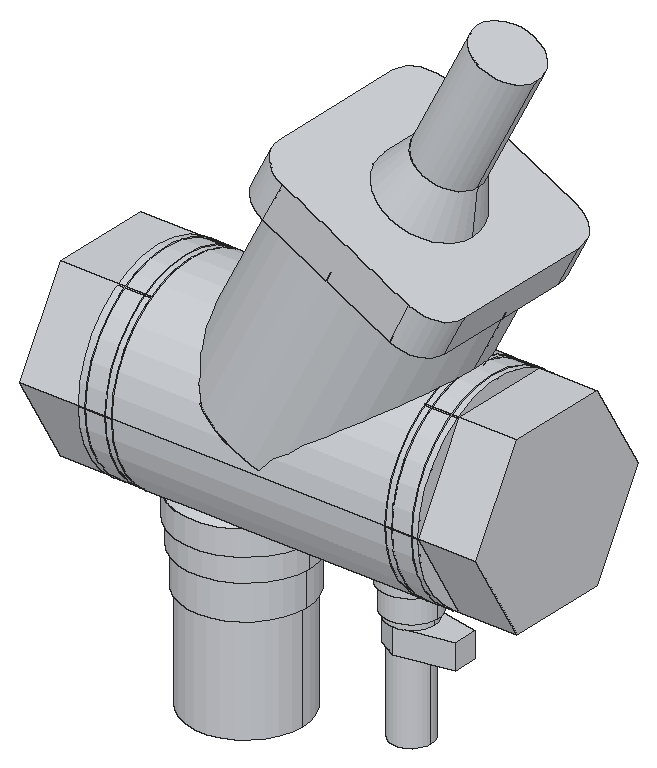
Revit family "Sigma_Compact_DN050_s vyp_RFA_2018", category Pipe Accessories, Revit 2018
Family settings
  Round Connector Dimension = Use Diameter
  Part Type = Valve - Breaks Into
  Work Plane-Based = No
  Always vertical = Yes
  Cut with Voids When Loaded = No
  Shared = No
Parameters (values of type "Sigma Compact DN 50 s vypouštěním")
  magiProductId = "001ad4382b874bb9b8e1e8cf3b6430"
  magiProductFamilyId = "2dc1766e7e3844cdb739145bbea09c"
  magiPartTypeId = 304
  isMeasuringValve [instance] = no
  ang2D [instance] = 0.00°
  Z6 = 39.3 mm
  Z5 = 91.7 mm
  Z4 = 78.6 mm
  Z3 = 13.1 mm
  Z2 = 65.5 mm
  XR2 = 37.5 mm
  XR1 = 25.5 mm
  W2D = 32 mm
  VersionID = "2.0/2018.12.13.2/FRESE_SIGMA_PLUG_Q13_001"
  Use Minimum Symbol Size [instance] = no
  URL = "www.hydronic.cz"
  Type Comments = "závitový; vnitřní závit; PN25; max dp=400kPa; -10~+120°C; max uzavírací tlak 1MPa"
  R4 = 15 mm
  R3 = 10 mm
  R2 = 30.5 mm
  R1 = 31.5 mm
  QmdConnectorList = "301;D;302;D"
  Productdata [instance] = ""
  NL__ve = -NL  # -27.6 mm
  NL = 27.6 mm
  Manufacturer = "Hydronic Systems Prague s.r.o."
  MC Use Limits From Balancing Method = no
  MC Throttling Minimum Value = 0
  MC Throttling Maximum Value = 0
  MC Product Code = "53-2227 DN50 FF s měřením a vypouštěním; (900-10350 l/h); kvs=20,3"
  MC Pressure Drop Minimum Value = 0.0 Pa
  MC Pressure Drop Maximum Value = 0.0 Pa
  MC Piping Given Pressure Drop [instance] = 0.0 Pa
  M5 = 51.4 mm
  M4 = 49.4 mm
  M3 = 43.4 mm
  M2 = 41.4 mm
  LP = 69 mm
  LM = 82.8 mm
  LL__ve = -LL  # -7.6 mm
  LLT__ve = -LLT  # -28.2 mm
  LLT = 28.2 mm
  LLL = 11 mm
  LL3 = 60 mm
  LL2 = 51 mm
  LL = 7.6 mm
  L3 = 25 mm
  L2D_Min = 30.48 mm
  L2D = 82.4 mm
  Description = "Automatický vyvažovací ventil"
  DR1 = yes
  DR0 = no
  DL2 = 85 mm
  D = 50 mm
  CenSd_R2_6 = R2 * cos(30.00°)  # 26.414 mm
  CAT0 = yes
  C0D1 = yes
  C0D0 = no
Types (3, lengths in mm): name | magiProductId | Z6 | Z5 | Z4 | Z3 | Z2 | NL__ve | NL | MC Product Code | M5 | M4 | M3 | M2 | LP | LM | LL__ve | LLT__ve | LLT | LL3 | LL2 | LL | DL2 | D
  Sigma Compact DN 32 s vypouštěním | "52c1318164f948b8bfa512d8a8b026" | 33 | 77 | 66 | 11 | 55 | -20.8 | 20.8 | "53-2225 DN32 FF s měřením a vypouštěním; (200-5000 l/h); kvs=10,9" | 41.2 | 39.2 | 33.2 | 31.2 | 52 | 62.4 | -6.8 | -22.6 | 22.6 | 52 | 43 | 6.8 | 77 | 32
  Sigma Compact DN 40 s vypouštěním | "ead7fbe154ec4086ae4626bbcbe652" | 39.3 | 91.7 | 78.6 | 13.1 | 65.5 | -27.6 | 27.6 | "53-2226 DN40 FF s měřením a vypouštěním; (719-7400 l/h); kvs=18,0" | 51.4 | 49.4 | 43.4 | 41.4 | 69 | 82.8 | -7 | -24 | 24 | 54 | 45 | 7 | 79 | 40
  Sigma Compact DN 50 s vypouštěním | "001ad4382b874bb9b8e1e8cf3b6430" | 39.3 | 91.7 | 78.6 | 13.1 | 65.5 | -27.6 | 27.6 | "53-2227 DN50 FF s měřením a vypouštěním; (900-10350 l/h); kvs=20,3" | 51.4 | 49.4 | 43.4 | 41.4 | 69 | 82.8 | -7.6 | -28.2 | 28.2 | 60 | 51 | 7.6 | 85 | 50
Reference planes
  plane 1 "Center (Front/Back)": y = 0
  plane 2 "XYPLANE": z = 0
  plane 3 "Center (Left/Right)": x = 0
  plane 4 "408": x = 69
  plane 5 "407": x = -69
  plane 6 "404": z = -52.4
  plane 7 "403": z = -60
  plane 8 "402": z = -85
  plane 9 "213": x = -25
  plane 10 "168": z = -24.2
  plane 11 "167": z = -26.2
  plane 12 "166": z = -33.8
  plane 13 "165": z = -41.4
  plane 14 "164": z = -43.4
  plane 15 "154": z = 0
  plane 16 "152": y = 0
  plane 17 "151": z = -51
  plane 18 "150": x = 25
  plane 19 "75": through (307.08, 0, 685.28) normal (0.891, 0, -0.454)
  plane 20 "74": x = 51.4
  plane 21 "73": x = 49.4
  plane 22 "72": x = 43.4
  plane 23 "71": x = 41.4
  plane 24 "70": x = -51.4
  plane 25 "69": x = -49.4
  plane 26 "68": x = -43.4
  plane 27 "67": y = 0
  plane 28 "66": through (-666.893, 0, 343.166) normal (0.454, 0, 0.891)
  plane 29 "65": x = -41.4
  plane 30 "64": through (335.147, 0, 670.979) normal (0.891, 0, -0.454)
  plane 31 "63": through (-638.519, 0, 398.854) normal (0.454, 0, 0.891)
  plane 32 "62": through (363.214, 0, 656.678) normal (0.891, 0, -0.454)
  plane 33 "61": y = 31.5
  plane 34 "60": y = -31.5
  plane 35 "59": through (-632.571, 0, 410.526) normal (0.454, 0, 0.891)
  plane 36 "58": through (-626.624, 0, 422.198) normal (0.454, 0, 0.891)
  plane 37 "56": x = 0
  plane 38 "55": through (-668.255, 0, 340.493) normal (0.454, 0, 0.891)
  plane 39 "102XY": through (-668.255, 0, 340.493) normal (0.454, 0, 0.891)
  plane 40 "102XZ": y = 0
  plane 41 "102YZ": through (340.493, 0, 668.255) normal (0.891, 0, -0.454)
Forms (mm)
  Extrusion 1, solid
    sketch origin (69, -750, 0) x (0, 1, 0) y (0, 0, 1)
      loop
        line (780.5, 0) -> (765.25, 26.414) -> (734.75, 26.414) -> (719.5, 0) -> (734.75, -26.414) -> (765.25, -26.414) -> (780.5, 0)
    from 0 to -27.6 <- "NL__ve"
  Extrusion 2, solid
    sketch origin (-69, -750, 0) x (0, 1, 0) y (0, 0, 1)
      loop
        line (719.5, 0) -> (734.75, -26.414) -> (765.25, -26.414) -> (780.5, 0) -> (765.25, 26.414) -> (734.75, 26.414) -> (719.5, 0)
    from 0 to 27.6 <- "NL"
  Extrusion 3, solid, visible <- "C0D1"
    sketch origin (-750, 0, -85) x (1, 0, 0) y (0, 1, 0)
      loop
        circle (725, 0) r 17.2
    from 0 to 50
  Extrusion 4, solid, visible <- "DR1"
    sketch origin (-750, 0, -52.4) x (1, 0, 0) y (0, 1, 0)
      loop
        line (725, -8) -> (731.928, -4) -> (731.928, 4) -> (725, 8) -> (707.872, 4) -> (707.872, -4) -> (725, -8)
    from 0 to -7.6 <- "LL__ve"
  Extrusion 5, solid, visible <- "DR1"
    sketch origin (-750, 0, -52.4) x (1, 0, 0) y (0, 1, 0)
      loop
        circle (725, 0) r 18.2
    from 0 to 11 <- "LLL"
  Extrusion 6, solid, visible <- "DR1"
    sketch origin (-750, 0, -41.4) x (1, 0, 0) y (0, 1, 0)
      loop
        circle (725, 0) r 19.2
    from 0 to 7.6 <- "LL"
  Extrusion 7, solid, visible <- "DR1"
    sketch origin (-750, 0, -33.8) x (1, 0, 0) y (0, 1, 0)
      loop
        circle (725, 0) r 20.2
    from 0 to 7.6 <- "LL"
  Blend 8, solid, visible <- "DR1"
    base sketch origin (-750, 0, -24.2) x (1, 0, 0) y (0, 1, 0)
      loop
        circle (725, 0) r 17.7
    top sketch origin (-750, 0, -24.2) x (1, 0, 0) y (0, 1, 0)
      loop
        circle (725, 0) r 20.2
    from 0 to -2
  Extrusion 9, solid, visible <- "DR1"
    sketch origin (-750, 0, 0) x (1, 0, 0) y (0, 1, 0)
      loop
        circle (725, 0) r 17.7
    from 0 to -28.2 <- "LLT__ve"
  Extrusion 10, solid, visible <- "C0D0"
    sketch origin (-750, 0, -51) x (1, 0, 0) y (0, 1, 0)
      loop
        circle (725, 0) r 16.2
    from 0 to -25
  Extrusion 11, solid, visible <- "DR0"
    sketch origin (-750, 0, -43.4) x (1, 0, 0) y (0, 1, 0)
      loop
        line (725, -7) -> (731.062, -3.5) -> (731.062, 3.5) -> (725, 7) -> (708.738, 3.5) -> (708.738, -3.5) -> (725, -7)
    from 0 to -7.6 <- "LL__ve"
  Extrusion 12, solid, visible <- "DR0"
    sketch origin (-750, 0, -43.4) x (1, 0, 0) y (0, 1, 0)
      loop
        circle (725, 0) r 17.2
    from 0 to 2
  Extrusion 13, solid, visible <- "DR0"
    sketch origin (-750, 0, -33.8) x (1, 0, 0) y (0, 1, 0)
      loop
        circle (725, 0) r 19.2
    from 0 to 7.6 <- "LL"
  Blend 14, solid, visible <- "DR0"
    base sketch origin (-750, 0, -24.2) x (1, 0, 0) y (0, 1, 0)
      loop
        circle (725, 0) r 16.7
    top sketch origin (-750, 0, -24.2) x (1, 0, 0) y (0, 1, 0)
      loop
        circle (725, 0) r 19.2
    from 0 to -2
  Extrusion 15, solid, visible <- "DR0"
    sketch origin (-750, 0, 0) x (1, 0, 0) y (0, 1, 0)
      loop
        circle (725, 0) r 16.7
    from 0 to -28.2 <- "LLT__ve"
  Extrusion 16, solid, visible <- "DR0"
    sketch origin (-750, 0, 0) x (1, 0, 0) y (0, 1, 0)
      loop
        circle (725, 0) r 16.7
    from 0 to -28.2 <- "LLT__ve"
  Blend 17, solid, visible <- "DR0"
    base sketch origin (-750, 0, -24.2) x (1, 0, 0) y (0, 1, 0)
      loop
        circle (725, 0) r 16.7
    top sketch origin (-750, 0, -24.2) x (1, 0, 0) y (0, 1, 0)
      loop
        circle (725, 0) r 19.2
    from 0 to -2
  Extrusion 18, solid, visible <- "DR0"
    sketch origin (-750, 0, -33.8) x (1, 0, 0) y (0, 1, 0)
      loop
        circle (725, 0) r 19.2
    from 0 to 7.6 <- "LL"
  Extrusion 19, solid, visible <- "DR0"
    sketch origin (-750, 0, -41.4) x (1, 0, 0) y (0, 1, 0)
      loop
        circle (725, 0) r 18.2
    from 0 to 7.6 <- "LL"
  Extrusion 20, solid, visible <- "DR0"
    sketch origin (-750, 0, -43.4) x (1, 0, 0) y (0, 1, 0)
      loop
        circle (725, 0) r 17.2
    from 0 to 2
  Extrusion 21, solid, visible <- "DR0"
    sketch origin (-750, 0, -43.4) x (1, 0, 0) y (0, 1, 0)
      loop
        line (725, -7) -> (731.062, -3.5) -> (731.062, 3.5) -> (725, 7) -> (708.738, 3.5) -> (708.738, -3.5) -> (725, -7)
    from 0 to -7.6 <- "LL__ve"
  Extrusion 22, solid, visible <- "C0D0"
    sketch origin (-750, 0, -51) x (1, 0, 0) y (0, 1, 0)
      loop
        circle (725, 0) r 16.2
    from 0 to -25
  Extrusion 23, solid, visible <- "CAT0"
    sketch origin (-750, 0, -51) x (1, 0, 0) y (0, 1, 0)
      loop
        circle (775, 0) r 6
    from 0 to -25
  Extrusion 24, solid
    sketch origin (-750, 0, -43.4) x (1, 0, 0) y (0, 1, 0)
      loop
        line (775, -7) -> (791.262, -3.5) -> (791.262, 3.5) -> (775, 7) -> (768.938, 3.5) -> (768.938, -3.5) -> (775, -7)
    from 0 to -7.6 <- "LL__ve"
  Extrusion 25, solid
    sketch origin (-750, 0, -43.4) x (1, 0, 0) y (0, 1, 0)
      loop
        circle (775, 0) r 7
    from 0 to 2
  Extrusion 26, solid
    sketch origin (-750, 0, -41.4) x (1, 0, 0) y (0, 1, 0)
      loop
        circle (775, 0) r 8
    from 0 to 7.6 <- "LL"
  Extrusion 27, solid
    sketch origin (-750, 0, -33.8) x (1, 0, 0) y (0, 1, 0)
      loop
        circle (775, 0) r 9
    from 0 to 7.6 <- "LL"
  Blend 28, solid
    base sketch origin (-750, 0, -24.2) x (1, 0, 0) y (0, 1, 0)
      loop
        circle (775, 0) r 6.5
    top sketch origin (-750, 0, -24.2) x (1, 0, 0) y (0, 1, 0)
      loop
        circle (775, 0) r 9
    from 0 to -2
  Extrusion 29, solid
    sketch origin (-750, 0, 0) x (1, 0, 0) y (0, 1, 0)
      loop
        circle (775, 0) r 6.5
    from 0 to -28.2 <- "LLT__ve"
  Blend 30, solid, visible <- "CAT0"
    base sketch origin (49.4, -750, 0) x (0, 1, 0) y (0, 0, 1)
      loop
        circle (750, 0) r 30.5
    top sketch origin (49.4, -750, 0) x (0, 1, 0) y (0, 0, 1)
      loop
        circle (750, 0) r 30.5
    from 0 to 2
  Extrusion 31, solid, visible <- "CAT0"
    sketch origin (43.4, -750, 0) x (0, 1, 0) y (0, 0, 1)
      loop
        circle (750, 0) r 30.5
    from 0 to 6
  Blend 32, solid, visible <- "CAT0"
    base sketch origin (41.4, -750, 0) x (0, 1, 0) y (0, 0, 1)
      loop
        circle (750, 0) r 30.5
    top sketch origin (41.4, -750, 0) x (0, 1, 0) y (0, 0, 1)
      loop
        circle (750, 0) r 30.5
    from 0 to 2
  Blend 33, solid, visible <- "CAT0"
    base sketch origin (-49.4, -750, 0) x (0, 1, 0) y (0, 0, 1)
      loop
        circle (750, 0) r 30.5
    top sketch origin (-49.4, -750, 0) x (0, 1, 0) y (0, 0, 1)
      loop
        circle (750, 0) r 30.5
    from 0 to -2
  Extrusion 34, solid, visible <- "CAT0"
    sketch origin (-49.4, -750, 0) x (0, 1, 0) y (0, 0, 1)
      loop
        circle (750, 0) r 30.5
    from 0 to 6
  Blend 35, solid, visible <- "CAT0"
    base sketch origin (-43.4, -750, 0) x (0, 1, 0) y (0, 0, 1)
      loop
        circle (750, 0) r 30.5
    top sketch origin (-43.4, -750, 0) x (0, 1, 0) y (0, 0, 1)
      loop
        circle (750, 0) r 30.5
    from 0 to 2
  Extrusion 36, solid, visible <- "CAT0"
    sketch origin (-41.4, -750, 0) x (0, 1, 0) y (0, 0, 1)
      loop
        circle (750, 0) r 30.5
    from 0 to 82.8 <- "LM"
  Extrusion 37, solid, visible <- "CAT0"
    sketch origin (-666.893, 0, 343.166) x (0.891007, 0, -0.45399) y (0, 1, 0)
      loop
        circle (744, 0) r 31.5
    from 0 to 65.5 <- "Z2"
  Extrusion 38, solid, visible <- "CAT0"
    sketch origin (-638.519, 0, 398.854) x (0.891007, 0, -0.45399) y (0, 1, 0)
      loop
        arc (722.5, 31.5) -> (715.429, 28.571) -> (712.5, 21.5) r 10
        line (712.5, 21.5) -> (712.5, -21.5)
        arc (712.5, -21.5) -> (715.429, -28.571) -> (722.5, -31.5) r 10
        line (722.5, -31.5) -> (765.5, -31.5)
        arc (765.5, -31.5) -> (772.571, -28.571) -> (775.5, -21.5) r 10
        line (775.5, -21.5) -> (775.5, 21.5)
        arc (775.5, 21.5) -> (772.571, 28.571) -> (765.5, 31.5) r 10
        line (765.5, 31.5) -> (722.5, 31.5)
    from 0 to 13.1 <- "Z3"
  Blend 39, solid, visible <- "CAT0"
    base sketch origin (-632.571, 0, 410.526) x (0.891007, 0, -0.45399) y (0, 1, 0)
      loop
        circle (744, 0) r 15
    top sketch origin (-632.571, 0, 410.526) x (0.891007, 0, -0.45399) y (0, 1, 0)
      loop
        circle (744, 0) r 10
    from 0 to 13.1
  Extrusion 40, solid, visible <- "CAT0"
    sketch origin (-626.624, 0, 422.198) x (0.891007, 0, -0.45399) y (0, 1, 0)
      loop
        circle (744, 0) r 10
    from 0 to 39.3 <- "Z6"
  Blend 41, solid, visible <- "CAT0"
    base sketch origin (-668.255, 0, 340.493) x (0.891007, 0, -0.45399) y (0, 1, 0)
      loop
        circle (744, 0) r 15
    top sketch origin (-668.255, 0, 340.493) x (0.891007, 0, -0.45399) y (0, 1, 0)
      loop
        circle (744, 0) r 31.5
    from 0 to 3
  Extrusion 42, solid, not visible
    sketch origin (-51.4, -750, 0) x (0, 1, 0) y (0, 0, 1)
      loop
        circle (750, 0) r 10
    from 0 to 10
  Extrusion 43, solid, not visible
    sketch origin (51.4, -750, 0) x (0, 1, 0) y (0, 0, 1)
      loop
        circle (750, 0) r 10
    from 0 to -10
Lines and regions (mm)
  reference lines, not visible
    curve 1: circle (2, 2, 0) r 1 normal (0, 0, 1)
  reference lines
    curve 2: line (69, 0, 0) -> (69, -7.625, 13.207)
    curve 3: line (69, 0, 0) -> (69, -15.25, 0)
    curve 4: line (69, 0, 0) -> (69, -7.625, -13.207)
    curve 5: line (-69, 0, 0) -> (-69, 7.625, 13.207)
    curve 6: line (-69, 0, 0) -> (-69, 15.25, 0)
    curve 7: line (-69, 0, 0) -> (-69, 7.625, -13.207)
Dimensions and locks
  plane 1 "Center (Front/Back)" to curve 1 = 2 mm
  "LP": plane 37 "56" to plane 4 "408"
  "LP": plane 37 "56" to plane 5 "407"
  "LL": plane 7 "403" to plane 6 "404"
  "LL3": plane 2 "XYPLANE" to plane 7 "403"
  "DL2": plane 2 "XYPLANE" to plane 8 "402"
  "L3": plane 3 "Center (Left/Right)" to plane 9 "213"
  locked: plane 11 "167" to plane 10 "168" at 2
  "LL": plane 12 "166" to plane 11 "167"
  "LL": plane 13 "165" to plane 12 "166"
  locked: plane 14 "164" to plane 13 "165" at 2
  "LL": plane 17 "151" to plane 14 "164"
  locked: plane 2 "XYPLANE" to plane 15 "154"
  locked: plane 1 "Center (Front/Back)" to plane 16 "152"
  "LL2": plane 2 "XYPLANE" to plane 17 "151"
  "L3": plane 3 "Center (Left/Right)" to plane 18 "150"
  "XR2": plane 41 "102YZ" to plane 19 "75"
  "M5": plane 3 "Center (Left/Right)" to plane 20 "74"
  "M4": plane 3 "Center (Left/Right)" to plane 21 "73"
  "M3": plane 3 "Center (Left/Right)" to plane 22 "72"
  "M2": plane 3 "Center (Left/Right)" to plane 23 "71"
  "M5": plane 3 "Center (Left/Right)" to plane 24 "70"
  "M4": plane 3 "Center (Left/Right)" to plane 25 "69"
  "M3": plane 3 "Center (Left/Right)" to plane 26 "68"
  locked: plane 16 "152" to plane 27 "67"
  locked: plane 39 "102XY" to plane 28 "66" at 3
  "M2": plane 3 "Center (Left/Right)" to plane 29 "65"
  locked: plane 41 "102YZ" to plane 30 "64" at 6
  "Z2": plane 39 "102XY" to plane 31 "63"
  "XR1": plane 41 "102YZ" to plane 32 "62"
  "R1": plane 16 "152" to plane 33 "61"
  "R1": plane 16 "152" to plane 34 "60"
  "Z4": plane 39 "102XY" to plane 35 "59"
  "Z5": plane 39 "102XY" to plane 36 "58"
  locked: plane 3 "Center (Left/Right)" to plane 37 "56"
  locked: plane 39 "102XY" to plane 38 "55"
  "CenSd_R2_6": curve 2 to Extrusion 1 sketch curve  (x2)
  "CenSd_R2_6": curve 3 to Extrusion 1 sketch curve  (x2)
  "CenSd_R2_6": curve 4 to Extrusion 1 sketch curve  (x2)
  Extrusion 1 sketch curve to Extrusion 1 sketch curve = 0 mm  (x12)
  "CenSd_R2_6": curve 5 to Extrusion 2 sketch curve  (x2)
  "CenSd_R2_6": curve 6 to Extrusion 2 sketch curve  (x2)
  "CenSd_R2_6": curve 7 to Extrusion 2 sketch curve  (x2)
  Extrusion 2 sketch curve to Extrusion 2 sketch curve = 0 mm  (x12)
  Extrusion 4 sketch curve to Extrusion 4 sketch curve = 0 mm  (x12)
  Extrusion 11 sketch curve to Extrusion 11 sketch curve = 0 mm  (x12)
  Extrusion 21 sketch curve to Extrusion 21 sketch curve = 0 mm  (x12)
  Extrusion 24 sketch curve to Extrusion 24 sketch curve = 0 mm  (x12)
  Extrusion 38 sketch curve to Extrusion 38 sketch curve = 0 mm  (x16)
  "R2": radius of Blend 30 sketch curve  (x2)
  "R2": radius of Extrusion 31 sketch curve
  "R2": radius of Blend 32 sketch curve  (x2)
  "R2": radius of Blend 33 sketch curve  (x2)
  "R2": radius of Extrusion 34 sketch curve
  "R2": radius of Blend 35 sketch curve  (x2)
  "R2": radius of Extrusion 36 sketch curve
  "R1": radius of Extrusion 37 sketch curve
  radius of Extrusion 38 sketch curve = 10 mm  (x4)
  "R3": radius of Blend 39 sketch curve
  "R4": radius of Blend 39 sketch curve
  "R3": radius of Extrusion 40 sketch curve
  "R1": radius of Blend 41 sketch curve
  locked: curve 3 to curve 2 (angle 60.00°)
  locked: curve 4 to curve 3 (angle 60.00°)
  locked: curve 4 to curve 2 (angle 120.00°)
  locked: curve 6 to curve 5 (angle 60.00°)
  locked: curve 7 to curve 6 (angle 60.00°)
  locked: curve 7 to curve 5 (angle 120.00°)
  aligned and locked: level to plane 2 "XYPLANE"
  aligned and locked: plane 15 "154" to curve 4
  aligned and locked: curve 4 to plane 16 "152"
  aligned and locked: plane 15 "154" to curve 7
  aligned and locked: curve 7 to plane 16 "152"
  aligned and locked: plane 9 "213" to Extrusion 3 sketch curve
  aligned and locked: plane 16 "152" to Extrusion 3 sketch curve
  aligned and locked: plane 9 "213" to Extrusion 5 sketch curve
  aligned and locked: plane 16 "152" to Extrusion 5 sketch curve
  aligned and locked: plane 9 "213" to Extrusion 6 sketch curve
  aligned and locked: plane 16 "152" to Extrusion 6 sketch curve
  aligned and locked: plane 9 "213" to Extrusion 7 sketch curve
  aligned and locked: plane 16 "152" to Extrusion 7 sketch curve
  aligned and locked: plane 9 "213" to Blend 8 sketch curve  (x2)
  aligned and locked: plane 16 "152" to Blend 8 sketch curve  (x2)
  aligned and locked: Blend 8 to plane 11 "167"
  aligned and locked: plane 9 "213" to Extrusion 9 sketch curve
  aligned and locked: plane 16 "152" to Extrusion 9 sketch curve
  aligned and locked: plane 9 "213" to Extrusion 10 sketch curve
  aligned and locked: plane 16 "152" to Extrusion 10 sketch curve
  aligned and locked: plane 9 "213" to Extrusion 12 sketch curve
  aligned and locked: plane 16 "152" to Extrusion 12 sketch curve
  aligned and locked: plane 9 "213" to Extrusion 13 sketch curve
  aligned and locked: plane 16 "152" to Extrusion 13 sketch curve
  aligned and locked: plane 9 "213" to Blend 14 sketch curve  (x2)
  aligned and locked: plane 16 "152" to Blend 14 sketch curve  (x2)
  aligned and locked: Blend 14 to plane 11 "167"
  aligned and locked: plane 9 "213" to Extrusion 15 sketch curve
  aligned and locked: plane 16 "152" to Extrusion 15 sketch curve
  aligned and locked: plane 9 "213" to Extrusion 16 sketch curve
  aligned and locked: plane 16 "152" to Extrusion 16 sketch curve
  aligned and locked: plane 9 "213" to Blend 17 sketch curve  (x2)
  aligned and locked: plane 16 "152" to Blend 17 sketch curve  (x2)
  aligned and locked: Blend 17 to plane 11 "167"
  aligned and locked: plane 9 "213" to Extrusion 18 sketch curve
  aligned and locked: plane 16 "152" to Extrusion 18 sketch curve
  aligned and locked: plane 9 "213" to Extrusion 19 sketch curve
  aligned and locked: plane 16 "152" to Extrusion 19 sketch curve
  aligned and locked: plane 9 "213" to Extrusion 20 sketch curve
  aligned and locked: plane 16 "152" to Extrusion 20 sketch curve
  aligned and locked: plane 9 "213" to Extrusion 22 sketch curve
  aligned and locked: plane 16 "152" to Extrusion 22 sketch curve
  aligned and locked: plane 16 "152" to Extrusion 23 sketch curve
  aligned and locked: plane 18 "150" to Extrusion 23 sketch curve
  aligned and locked: plane 16 "152" to Extrusion 25 sketch curve
  aligned and locked: plane 18 "150" to Extrusion 25 sketch curve
  aligned and locked: plane 16 "152" to Extrusion 26 sketch curve
  aligned and locked: plane 18 "150" to Extrusion 26 sketch curve
  aligned and locked: plane 16 "152" to Extrusion 27 sketch curve
  aligned and locked: plane 18 "150" to Extrusion 27 sketch curve
  aligned and locked: plane 16 "152" to Blend 28 sketch curve  (x2)
  aligned and locked: plane 18 "150" to Blend 28 sketch curve  (x2)
  aligned and locked: Blend 28 to plane 11 "167"
  aligned and locked: plane 16 "152" to Extrusion 29 sketch curve
  aligned and locked: plane 18 "150" to Extrusion 29 sketch curve
  aligned and locked: plane 15 "154" to Blend 30 sketch curve  (x2)
  aligned and locked: Blend 30 sketch curve to plane 16 "152"  (x2)
  aligned and locked: plane 20 "74" to Blend 30
  aligned and locked: plane 15 "154" to Extrusion 31 sketch curve
  aligned and locked: Extrusion 31 sketch curve to plane 16 "152"
  aligned and locked: plane 15 "154" to Blend 32 sketch curve  (x2)
  aligned and locked: Blend 32 sketch curve to plane 16 "152"  (x2)
  aligned and locked: plane 22 "72" to Blend 32
  aligned and locked: plane 15 "154" to Blend 33 sketch curve  (x2)
  aligned and locked: Blend 33 sketch curve to plane 16 "152"  (x2)
  aligned and locked: Blend 33 to plane 24 "70"
  aligned and locked: plane 15 "154" to Extrusion 34 sketch curve
  aligned and locked: Extrusion 34 sketch curve to plane 16 "152"
  aligned and locked: plane 15 "154" to Blend 35 sketch curve  (x2)
  aligned and locked: Blend 35 sketch curve to plane 16 "152"  (x2)
  aligned and locked: plane 29 "65" to Blend 35
  aligned and locked: plane 15 "154" to Extrusion 36 sketch curve
  aligned and locked: Extrusion 36 sketch curve to plane 16 "152"
  aligned and locked: plane 27 "67" to Extrusion 37 sketch curve
  aligned and locked: Extrusion 37 sketch curve to plane 30 "64"
  aligned and locked: Extrusion 38 sketch curve to plane 19 "75"
  aligned and locked: Extrusion 38 sketch curve to plane 34 "60"
  aligned and locked: Extrusion 38 sketch curve to plane 32 "62"
  aligned and locked: plane 33 "61" to Extrusion 38 sketch curve
  aligned and locked: plane 27 "67" to Blend 39 sketch curve  (x2)
  aligned and locked: Blend 39 sketch curve to plane 30 "64"  (x2)
  aligned and locked: plane 36 "58" to Blend 39
  aligned and locked: plane 27 "67" to Extrusion 40 sketch curve
  aligned and locked: Extrusion 40 sketch curve to plane 30 "64"
  aligned and locked: plane 27 "67" to Blend 41 sketch curve  (x2)
  aligned and locked: Blend 41 sketch curve to plane 30 "64"  (x2)
  aligned and locked: plane 28 "66" to Blend 41
  aligned and locked: plane 15 "154" to Extrusion 42 sketch curve
  aligned and locked: Extrusion 42 sketch curve to plane 16 "152"
  aligned and locked: plane 15 "154" to Extrusion 43 sketch curve
  aligned and locked: Extrusion 43 sketch curve to plane 16 "152"
Automatic sketch dimensions
  Extrusion 3 sketch curve to plane 29 "65" = 0.8 mm
  Extrusion 4 sketch curve to plane 9 "213" = 0 mm  (x2)
  Extrusion 4 sketch curve to plane 29 "65" = 0.728 mm
  plane 9 "213" to Extrusion 4 sketch curve = 6.928 mm
  plane 1 "Center (Front/Back)" to Extrusion 4 sketch curve = 8 mm
  plane 1 "Center (Front/Back)" to Extrusion 4 sketch curve = 4 mm  (x2)
  Extrusion 4 sketch curve to plane 1 "Center (Front/Back)" = 4 mm  (x2)
  Extrusion 4 sketch curve to plane 1 "Center (Front/Back)" = 8 mm
  plane 26 "68" to Extrusion 5 sketch curve = 0.2 mm
  Extrusion 6 sketch curve to plane 26 "68" = 0.8 mm
  Extrusion 7 sketch curve to plane 26 "68" = 1.8 mm
  plane 26 "68" to Blend 8 sketch curve = 0.7 mm
  Blend 8 sketch curve to plane 26 "68" = 1.8 mm
  plane 26 "68" to Extrusion 9 sketch curve = 0.7 mm
  plane 29 "65" to Extrusion 10 sketch curve = 0.2 mm
  Extrusion 11 sketch curve to plane 9 "213" = 0 mm  (x2)
  plane 29 "65" to Extrusion 11 sketch curve = 0.138 mm
  plane 9 "213" to Extrusion 11 sketch curve = 6.062 mm
  plane 1 "Center (Front/Back)" to Extrusion 11 sketch curve = 7 mm
  plane 1 "Center (Front/Back)" to Extrusion 11 sketch curve = 3.5 mm  (x2)
  Extrusion 11 sketch curve to plane 1 "Center (Front/Back)" = 3.5 mm  (x2)
  Extrusion 11 sketch curve to Extrusion 11 sketch curve = 3.5 mm
  Extrusion 12 sketch curve to plane 29 "65" = 0.8 mm
  Extrusion 13 sketch curve to plane 26 "68" = 0.8 mm
  Blend 14 sketch curve to plane 29 "65" = 0.3 mm
  Blend 14 sketch curve to plane 26 "68" = 0.8 mm
  Extrusion 15 sketch curve to plane 29 "65" = 0.3 mm
  Extrusion 16 sketch curve to plane 29 "65" = 0.3 mm
  Blend 17 sketch curve to plane 29 "65" = 0.3 mm
  Blend 17 sketch curve to plane 26 "68" = 0.8 mm
  Extrusion 18 sketch curve to plane 26 "68" = 0.8 mm
  plane 26 "68" to Extrusion 19 sketch curve = 0.2 mm
  Extrusion 20 sketch curve to plane 29 "65" = 0.8 mm
  Extrusion 21 sketch curve to plane 9 "213" = 0 mm  (x2)
  plane 29 "65" to Extrusion 21 sketch curve = 0.138 mm
  plane 9 "213" to Extrusion 21 sketch curve = 6.062 mm
  plane 1 "Center (Front/Back)" to Extrusion 21 sketch curve = 7 mm
  plane 1 "Center (Front/Back)" to Extrusion 21 sketch curve = 3.5 mm  (x2)
  Extrusion 21 sketch curve to plane 1 "Center (Front/Back)" = 3.5 mm  (x2)
  Extrusion 21 sketch curve to Extrusion 21 sketch curve = 3.5 mm
  plane 29 "65" to Extrusion 22 sketch curve = 0.2 mm
  Extrusion 23 sketch curve to plane 18 "150" = 6 mm
  Extrusion 24 sketch curve to plane 18 "150" = 0 mm  (x2)
  Extrusion 24 sketch curve to plane 18 "150" = 6.062 mm
  Extrusion 24 sketch curve to plane 23 "71" = 0.138 mm
  plane 1 "Center (Front/Back)" to Extrusion 24 sketch curve = 7 mm
  plane 1 "Center (Front/Back)" to Extrusion 24 sketch curve = 3.5 mm  (x2)
  Extrusion 24 sketch curve to plane 1 "Center (Front/Back)" = 3.5 mm  (x2)
  Extrusion 24 sketch curve to Extrusion 24 sketch curve = 3.5 mm
  Extrusion 25 sketch curve to plane 18 "150" = 7 mm
  Extrusion 26 sketch curve to plane 18 "150" = 8 mm
  Extrusion 27 sketch curve to Extrusion 27 sketch curve = 9 mm
  Blend 28 sketch curve to plane 18 "150" = 6.5 mm
  Blend 28 sketch curve to Blend 28 sketch curve = 9 mm
  Extrusion 29 sketch curve to plane 18 "150" = 6.5 mm
  Blend 41 sketch curve to Blend 41 sketch curve = 15 mm
  plane 1 "Center (Front/Back)" to Extrusion 42 sketch curve = 10 mm
  plane 1 "Center (Front/Back)" to Extrusion 43 sketch curve = 10 mm
  plane 3 "Center (Left/Right)" to curve 1 = 2 mm
  radius of curve 1 = 1 mm
Connectors
  piping at (-51.4, 0, 0), diameter 50, driven by "D"
    settings: on Extrusion 42, index 1, connector inside diameter 609.6 mm, connector length 0 mm, flow factor 0, pipe flow 0.0 L/s, pressure drop 0.0 Pa, fitting loss kfactor 0, connector angle 0.00°, fixture units 0, engagement length 0 mm, angle of deflection 0.00°, flow configuration 0, flow direction 0, fitting loss method 0, system type 29, joint type 0, gender type 0, connector reference index 2, connector utility 0, adjustable connector no, is connector primary yes, connector description ""
  piping at (51.4, 0, 0), diameter 50, driven by "D"
    settings: on Extrusion 43, index 2, connector inside diameter 609.6 mm, connector length 0 mm, flow factor 0, pipe flow 0.0 L/s, pressure drop 0.0 Pa, fitting loss kfactor 0, connector angle 0.00°, fixture units 0, engagement length 0 mm, angle of deflection 0.00°, flow configuration 0, flow direction 0, fitting loss method 0, system type 29, joint type 0, gender type 0, connector reference index 1, connector utility 0, adjustable connector no, is connector primary no, connector description ""
